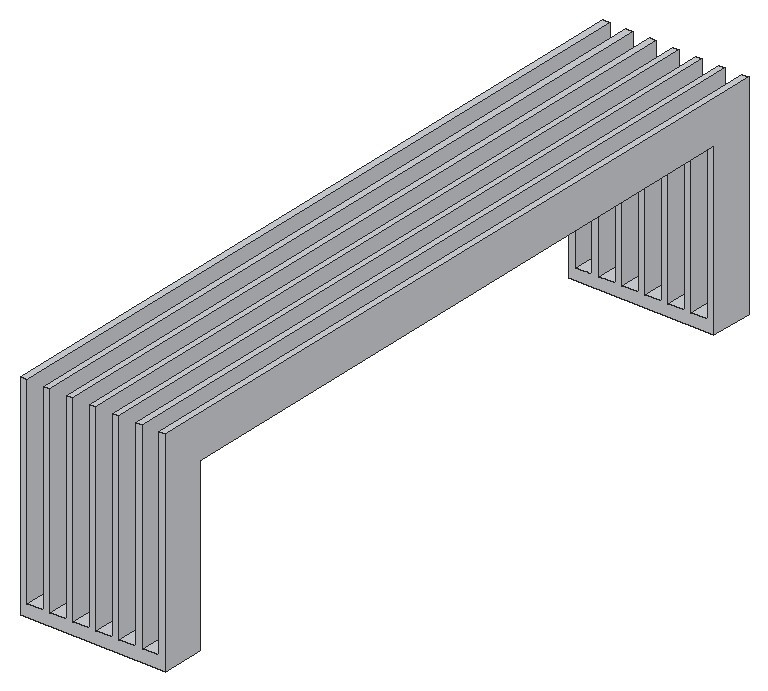
Revit family "LL07_R2016", category Generic Models, Revit 2016
Family settings
  Part Type = Normal
  Can host rebar = No
  Round Connector Dimension = Use Diameter
  OmniClass Number = 23.45.00.00
  OmniClass Title = Sanitary, Laundry, and Cleaning Equipment
  Work Plane-Based = No
  Always vertical = Yes
  Cut with Voids When Loaded = No
  Shared = No
  Room Calculation Point = No
Parameters
  Tube Length [instance] = 990 mm
  Length [instance] = 1200 mm
  Height = 350 mm
Reference planes
  plane 1: z = 0
  plane 2: z = 350
  plane 3: y = -26.341
  plane 4: y = -626.341
  plane 5: y = 573.659
Forms (mm)
  Extrusion 1, solid, not visible
    sketch origin (0, 0, 0) x (1, 0, 0) y (0, 1, 0)
      loop
        line (-495, -20) -> (-495, -31) -> (495, -31) -> (495, -20) -> (-495, -20)
    from 300 to 370
  Extrusion 2, solid, not visible
    sketch origin (0, 0, 0) x (1, 0, 0) y (0, 1, 0)
      loop
        line (-495, -20) -> (-495, -31) -> (495, -31) -> (495, -20) -> (-495, -20)
    from 300 to 370
  Extrusion 3, solid, not visible
    sketch origin (0, -24, 0) x (1, 0, 0) y (0, 1, 0)
      loop
        line (-495, -20) -> (-495, -31) -> (495, -31) -> (495, -20) -> (-495, -20)
    from 300 to 370
  Extrusion 4, solid, not visible
    sketch origin (0, -48, 0) x (1, 0, 0) y (0, 1, 0)
      loop
        line (-495, -20) -> (-495, -31) -> (495, -31) -> (495, -20) -> (-495, -20)
    from 300 to 370
  Extrusion 5, solid, not visible
    sketch origin (0, -72, 0) x (1, 0, 0) y (0, 1, 0)
      loop
        line (-495, -20) -> (-495, -31) -> (495, -31) -> (495, -20) -> (-495, -20)
    from 300 to 370
  Extrusion 6, solid, not visible
    sketch origin (0, -96, 0) x (1, 0, 0) y (0, 1, 0)
      loop
        line (-495, -20) -> (-495, -31) -> (495, -31) -> (495, -20) -> (-495, -20)
    from 300 to 370
  Extrusion 7, solid, not visible
    sketch origin (0, -120, 0) x (1, 0, 0) y (0, 1, 0)
      loop
        line (-495, -20) -> (-495, -31) -> (495, -31) -> (495, -20) -> (-495, -20)
    from 300 to 370
  Extrusion 8, solid, not visible
    sketch origin (0, -144, 0) x (1, 0, 0) y (0, 1, 0)
      loop
        line (-495, -20) -> (-495, -31) -> (495, -31) -> (495, -20) -> (-495, -20)
    from 300 to 370
  Extrusion 9, solid, not visible
    sketch origin (0, -168, 0) x (1, 0, 0) y (0, 1, 0)
      loop
        line (-495, -20) -> (-495, -31) -> (495, -31) -> (495, -20) -> (-495, -20)
    from 300 to 370
  Extrusion 10, solid, not visible
    sketch origin (0, -192, 0) x (1, 0, 0) y (0, 1, 0)
      loop
        line (-495, -20) -> (-495, -31) -> (495, -31) -> (495, -20) -> (-495, -20)
    from 300 to 370
  Extrusion 11, solid, not visible
    sketch origin (0, -216, 0) x (1, 0, 0) y (0, 1, 0)
      loop
        line (-495, -20) -> (-495, -31) -> (495, -31) -> (495, -20) -> (-495, -20)
    from 300 to 370
  Extrusion 12, solid, not visible
    sketch origin (0, -240, 0) x (1, 0, 0) y (0, 1, 0)
      loop
        line (-495, -20) -> (-495, -31) -> (495, -31) -> (495, -20) -> (-495, -20)
    from 300 to 370
  Extrusion 13, solid, not visible
    sketch origin (0, -264, 0) x (1, 0, 0) y (0, 1, 0)
      loop
        line (-495, -20) -> (-495, -31) -> (495, -31) -> (495, -20) -> (-495, -20)
    from 300 to 370
  Extrusion 14, solid, not visible
    sketch origin (0, -288, 0) x (1, 0, 0) y (0, 1, 0)
      loop
        line (-495, -20) -> (-495, -31) -> (495, -31) -> (495, -20) -> (-495, -20)
    from 300 to 370
  Extrusion 15, solid, not visible
    sketch origin (0, -312, 0) x (1, 0, 0) y (0, 1, 0)
      loop
        line (-495, -20) -> (-495, -31) -> (495, -31) -> (495, -20) -> (-495, -20)
    from 300 to 370
  Extrusion 16, solid
    sketch origin (0, 0, 0) x (0, 1, 0) y (0, 0, 1)
      loop
        line (573.659, 0) -> (573.659, 350) -> (-626.341, 350) -> (-626.341, 0) -> (-556.341, 0) -> (-556.341, 280) -> (503.659, 280) -> (503.659, 0) -> (573.659, 0)
    from 0 to 11
  Extrusion 17, solid
    sketch origin (38, 0, 0) x (0, 1, 0) y (0, 0, 1)
      loop
        line (573.659, 0) -> (573.659, 350) -> (-626.341, 350) -> (-626.341, 0) -> (-556.341, 0) -> (-556.341, 280) -> (503.659, 280) -> (503.659, 0) -> (573.659, 0)
    from 0 to 11
  Extrusion 18, solid
    sketch origin (76, 0, 0) x (0, 1, 0) y (0, 0, 1)
      loop
        line (573.659, 0) -> (573.659, 350) -> (-626.341, 350) -> (-626.341, 0) -> (-556.341, 0) -> (-556.341, 280) -> (503.659, 280) -> (503.659, 0) -> (573.659, 0)
    from 0 to 11
  Extrusion 19, solid
    sketch origin (114, 0, 0) x (0, 1, 0) y (0, 0, 1)
      loop
        line (573.659, 0) -> (573.659, 350) -> (-626.341, 350) -> (-626.341, 0) -> (-556.341, 0) -> (-556.341, 280) -> (503.659, 280) -> (503.659, 0) -> (573.659, 0)
    from 0 to 11
  Extrusion 20, solid
    sketch origin (152, 0, 0) x (0, 1, 0) y (0, 0, 1)
      loop
        line (573.659, 0) -> (573.659, 350) -> (-626.341, 350) -> (-626.341, 0) -> (-556.341, 0) -> (-556.341, 280) -> (503.659, 280) -> (503.659, 0) -> (573.659, 0)
    from 0 to 11
  Extrusion 21, solid
    sketch origin (190, 0, 0) x (0, 1, 0) y (0, 0, 1)
      loop
        line (573.659, 0) -> (573.659, 350) -> (-626.341, 350) -> (-626.341, 0) -> (-556.341, 0) -> (-556.341, 280) -> (503.659, 280) -> (503.659, 0) -> (573.659, 0)
    from 0 to 11
  Extrusion 22, solid
    sketch origin (228, 0, 0) x (0, 1, 0) y (0, 0, 1)
      loop
        line (573.659, 0) -> (573.659, 350) -> (-626.341, 350) -> (-626.341, 0) -> (-556.341, 0) -> (-556.341, 280) -> (503.659, 280) -> (503.659, 0) -> (573.659, 0)
    from 0 to 11
  Extrusion 23, solid
    sketch origin (0, 0, 0) x (1, 0, 0) y (0, 1, 0)
      loop
        line (0, -626.341) -> (239, -626.341) -> (239, -556.341) -> (0, -556.341) -> (0, -626.341)
      loop
        line (0, 503.659) -> (239, 503.659) -> (239, 573.659) -> (0, 573.659) -> (0, 503.659)
    from 0 to 20
Cuts and joins
  joined: Extrusion 16, Extrusion 17, Extrusion 18, Extrusion 19, Extrusion 20, Extrusion 21, Extrusion 22, Extrusion 23
Lines and regions (mm)
  reference lines
    curve 1: line (0, 665.378, 280) -> (0, -754.622, 280)
    curve 2: line (0, 503.659, 411.424) -> (0, 503.659, -138.576)
    curve 3: line (0, -556.341, 388.061) -> (0, -556.341, -81.939)
Dimensions and locks
  locked: Extrusion 1 sketch curve to Extrusion 1 sketch curve at 11
  locked: Extrusion 2 sketch curve to Extrusion 2 sketch curve at 11
  locked: Extrusion 3 sketch curve to Extrusion 3 sketch curve at 11
  equal spacing: group 2, group 3, group 4, group 5, group 6, group 7, group 8, group 9, group 10, group 11, group 12, group 13, group 14, group 15  (x2)
  equal spacing: group 15, group 14, group 13, group 12, group 11, group 10, group 9, group 8, group 7, group 6, group 5, group 4, group 3, group 2
  locked: Extrusion 4 sketch curve to Extrusion 4 sketch curve at 11
  locked: Extrusion 5 sketch curve to Extrusion 5 sketch curve at 11
  locked: Extrusion 6 sketch curve to Extrusion 6 sketch curve at 11
  locked: Extrusion 7 sketch curve to Extrusion 7 sketch curve at 11
  locked: Extrusion 8 sketch curve to Extrusion 8 sketch curve at 11
  locked: Extrusion 9 sketch curve to Extrusion 9 sketch curve at 11
  locked: Extrusion 10 sketch curve to Extrusion 10 sketch curve at 11
  locked: Extrusion 11 sketch curve to Extrusion 11 sketch curve at 11
  locked: Extrusion 12 sketch curve to Extrusion 12 sketch curve at 11
  locked: Extrusion 13 sketch curve to Extrusion 13 sketch curve at 11
  locked: Extrusion 14 sketch curve to Extrusion 14 sketch curve at 11
  locked: Extrusion 15 sketch curve to Extrusion 15 sketch curve at 11
  "Height": plane 2 to level
  equal spacing: plane 5, plane 3, plane 4
  "Length": plane 5 to plane 4
  locked: plane 2 to curve 1 at 70
  locked: curve 3 to plane 4 at 70
  locked: plane 5 to curve 2 at 70
  aligned and locked: level to plane 1
  aligned and locked: Extrusion 16 sketch curve to plane 2
  aligned and locked: Extrusion 16 sketch curve to plane 4
  aligned and locked: level to Extrusion 16 sketch curve  (x2)
  aligned and locked: Extrusion 16 sketch curve to curve 3
  aligned and locked: Extrusion 16 sketch curve to curve 1
  aligned and locked: curve 2 to Extrusion 16 sketch curve
  aligned and locked: Extrusion 16 sketch curve to plane 5
  aligned and locked: Extrusion 23 sketch curve to Extrusion 16  (x6)
  aligned and locked: Extrusion 23 sketch curve to Extrusion 22
  aligned and locked: Extrusion 22 to Extrusion 23 sketch curve
Automatic sketch dimensions
  Extrusion 1 sketch curve to Extrusion 1 sketch curve = 990 mm
  Extrusion 2 sketch curve to Extrusion 2 sketch curve = 990 mm
  Extrusion 3 sketch curve to Extrusion 3 sketch curve = 990 mm
  Extrusion 4 sketch curve to Extrusion 4 sketch curve = 990 mm
  Extrusion 5 sketch curve to Extrusion 5 sketch curve = 990 mm
  Extrusion 6 sketch curve to Extrusion 6 sketch curve = 990 mm
  Extrusion 7 sketch curve to Extrusion 7 sketch curve = 990 mm
  Extrusion 8 sketch curve to Extrusion 8 sketch curve = 990 mm
  Extrusion 9 sketch curve to Extrusion 9 sketch curve = 990 mm
  Extrusion 10 sketch curve to Extrusion 10 sketch curve = 990 mm
  Extrusion 11 sketch curve to Extrusion 11 sketch curve = 990 mm
  Extrusion 12 sketch curve to Extrusion 12 sketch curve = 990 mm
  Extrusion 13 sketch curve to Extrusion 13 sketch curve = 990 mm
  Extrusion 14 sketch curve to Extrusion 14 sketch curve = 990 mm
  Extrusion 15 sketch curve to Extrusion 15 sketch curve = 990 mm
  plane 4 to curve 1 = 128.281 mm
  curve 1 to plane 5 = 91.719 mm
  curve 3 to level = 81.939 mm
  curve 2 to level = 138.576 mm
  plane 2 to curve 3 = 38.061 mm
  plane 2 to curve 2 = 61.424 mm
  Extrusion 17 sketch curve to level = 0 mm  (x2)
  Extrusion 17 sketch curve to plane 4 = 0 mm
  Extrusion 17 sketch curve to plane 2 = 0 mm
  Extrusion 17 sketch curve to plane 5 = 0 mm
  Extrusion 17 sketch curve to plane 4 = 70 mm
  plane 5 to Extrusion 17 sketch curve = 70 mm
  Extrusion 17 sketch curve to plane 2 = 70 mm
  Extrusion 18 sketch curve to level = 0 mm  (x2)
  Extrusion 18 sketch curve to plane 4 = 0 mm
  Extrusion 18 sketch curve to plane 2 = 0 mm
  Extrusion 18 sketch curve to plane 5 = 0 mm
  Extrusion 18 sketch curve to plane 4 = 70 mm
  plane 5 to Extrusion 18 sketch curve = 70 mm
  Extrusion 18 sketch curve to plane 2 = 70 mm
  Extrusion 19 sketch curve to level = 0 mm  (x2)
  Extrusion 19 sketch curve to plane 4 = 0 mm
  Extrusion 19 sketch curve to plane 2 = 0 mm
  Extrusion 19 sketch curve to plane 5 = 0 mm
  Extrusion 19 sketch curve to plane 4 = 70 mm
  plane 5 to Extrusion 19 sketch curve = 70 mm
  Extrusion 19 sketch curve to plane 2 = 70 mm
  Extrusion 20 sketch curve to level = 0 mm  (x2)
  Extrusion 20 sketch curve to plane 4 = 0 mm
  Extrusion 20 sketch curve to plane 2 = 0 mm
  Extrusion 20 sketch curve to plane 5 = 0 mm
  Extrusion 20 sketch curve to plane 4 = 70 mm
  plane 5 to Extrusion 20 sketch curve = 70 mm
  Extrusion 20 sketch curve to plane 2 = 70 mm
  Extrusion 21 sketch curve to level = 0 mm  (x2)
  Extrusion 21 sketch curve to plane 4 = 0 mm
  Extrusion 21 sketch curve to plane 2 = 0 mm
  Extrusion 21 sketch curve to plane 5 = 0 mm
  Extrusion 21 sketch curve to plane 4 = 70 mm
  plane 5 to Extrusion 21 sketch curve = 70 mm
  Extrusion 21 sketch curve to plane 2 = 70 mm
  Extrusion 22 sketch curve to level = 0 mm  (x2)
  Extrusion 22 sketch curve to plane 4 = 0 mm
  Extrusion 22 sketch curve to plane 2 = 0 mm
  Extrusion 22 sketch curve to plane 5 = 0 mm
  Extrusion 22 sketch curve to plane 4 = 70 mm
  plane 5 to Extrusion 22 sketch curve = 70 mm
  Extrusion 22 sketch curve to plane 2 = 70 mm
